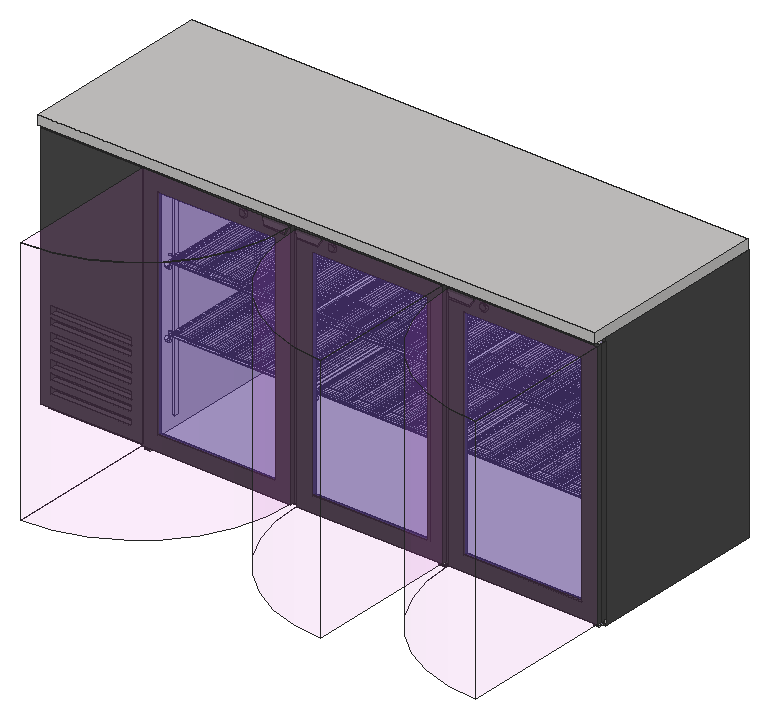
Revit family "QF_True_TBB24-72-3G-Z1-SFT-B-1_Glass_Swing_Door_Back_Bar", category Specialty Equipment, Revit 2021 (continued)
Definition of nested family "TBB24-72-3G-Z1-BST-B-1"
  Automatic sketch dimensions
    curve 9 to plane 7 "Center Y" = 0.37284"
    plane 7 "Center Y" to curve 15 = 0.63781"
    curve 5 to plane 10 = 0.02167"
    plane 13 to curve 5 = 0.04608"
    curve 18 to plane 13 = 1.19595"
    curve 10 to plane 13 = 2.94502"
    curve 17 to curve 19 = 2.67214"
    curve 6 to plane 10 = 0.02167"
    plane 4 "RIGHT" to curve 6 = 0.05741"
    plane 5 "FRONT" to curve 9 = 8.9955"
    plane 5 "FRONT" to curve 10 = 9.16144"
    curve 7 to curve 5 = 0.50779"
    plane 10 to curve 4 = 0.01931"
    curve 11 to curve 11 = 15/32"
    curve 5 to curve 14 = 0.35218"
    curve 9 to curve 5 = 0.32483"
    curve 6 to curve 17 = 0.35942"
    radius of Extrusion 49 sketch curve = 0.03267"
    radius of Extrusion 50 sketch curve = 0.03267"
    radius of Extrusion 51 sketch curve = 0.03267"
    radius of Extrusion 52 sketch curve = 0.03267"
    radius of Extrusion 53 sketch curve = 0.03267"
    radius of Extrusion 54 sketch curve = 0.03267"
    radius of Extrusion 55 sketch curve = 0.03267"
    radius of Extrusion 56 sketch curve = 0.03267"
    radius of Extrusion 57 sketch curve = 0.03267"
    radius of Extrusion 58 sketch curve = 0.03267"
    radius of Extrusion 59 sketch curve = 0.03267"
    radius of Extrusion 60 sketch curve = 0.03267"
    radius of Extrusion 61 sketch curve = 0.03267"
    radius of Extrusion 62 sketch curve = 0.03267"
    radius of Extrusion 63 sketch curve = 0.03267"
    radius of Extrusion 64 sketch curve = 0.03267"
    radius of Extrusion 65 sketch curve = 0.03267"
    radius of Extrusion 66 sketch curve = 0.03267"
    radius of Extrusion 67 sketch curve = 0.03267"
    radius of Extrusion 68 sketch curve = 0.03267"
    radius of Extrusion 69 sketch curve = 0.03267"
    radius of Extrusion 70 sketch curve = 0.03267"
    radius of Extrusion 71 sketch curve = 0.03267"
    radius of Extrusion 72 sketch curve = 0.03267"
    radius of Extrusion 73 sketch curve = 0.03267"
    radius of Extrusion 74 sketch curve = 0.03267"
    radius of Extrusion 75 sketch curve = 0.03267"
    radius of Extrusion 76 sketch curve = 0.03267"
    radius of Extrusion 77 sketch curve = 0.03267"
    radius of Extrusion 78 sketch curve = 0.03267"
    radius of Extrusion 79 sketch curve = 0.03267"
    radius of Extrusion 80 sketch curve = 0.03267"
    radius of Extrusion 81 sketch curve = 0.03267"
    radius of Extrusion 82 sketch curve = 0.03267"
    radius of Extrusion 83 sketch curve = 0.03267"
    radius of Extrusion 84 sketch curve = 0.03267"
    radius of Extrusion 85 sketch curve = 0.03267"
    radius of Extrusion 86 sketch curve = 0.03267"
    radius of Extrusion 87 sketch curve = 0.03267"
    radius of Extrusion 88 sketch curve = 0.03267"
    radius of Extrusion 89 sketch curve = 0.03267"
    radius of Extrusion 90 sketch curve = 0.03267"
    radius of Extrusion 91 sketch curve = 0.03267"
    radius of Extrusion 92 sketch curve = 0.03267"
    radius of Extrusion 93 sketch curve = 0.03267"
    radius of Extrusion 94 sketch curve = 0.03267"
    radius of Extrusion 95 sketch curve = 0.03267"
    radius of Extrusion 96 sketch curve = 0.03267"
    radius of Extrusion 97 sketch curve = 0.03267"
    radius of Extrusion 98 sketch curve = 0.03267"
    radius of Extrusion 99 sketch curve = 0.03267"  (x2)
    radius of Extrusion 100 sketch curve = 0.03267"  (x2)
    radius of Extrusion 101 sketch curve = 0.03267"  (x2)
    radius of Extrusion 102 sketch curve = 0.03267"  (x2)
    radius of Extrusion 103 sketch curve = 0.03267"  (x2)
    radius of Extrusion 104 sketch curve = 0.03267"  (x2)
    radius of Extrusion 105 sketch curve = 0.03267"  (x2)
    radius of Extrusion 106 sketch curve = 0.03267"  (x2)
    radius of Extrusion 107 sketch curve = 0.03267"  (x2)
    radius of Extrusion 108 sketch curve = 0.03267"  (x2)
    radius of Extrusion 109 sketch curve = 0.03267"  (x2)
    radius of Extrusion 110 sketch curve = 0.03267"  (x2)
    radius of Extrusion 111 sketch curve = 0.03267"  (x2)
    radius of Extrusion 112 sketch curve = 0.03267"  (x2)
    radius of Extrusion 113 sketch curve = 0.03267"  (x2)
    radius of Extrusion 114 sketch curve = 0.03267"  (x2)
    radius of Extrusion 115 sketch curve = 0.03267"  (x2)
    radius of Extrusion 116 sketch curve = 0.03267"  (x2)
    radius of Extrusion 117 sketch curve = 0.03267"  (x2)
    radius of Extrusion 118 sketch curve = 0.03267"  (x2)
    radius of Extrusion 119 sketch curve = 0.03267"  (x2)
    radius of Extrusion 120 sketch curve = 0.03267"  (x2)
    radius of Extrusion 121 sketch curve = 0.03267"  (x2)
    radius of Extrusion 122 sketch curve = 0.03267"  (x2)
    radius of Extrusion 123 sketch curve = 0.03267"  (x2)
    radius of Extrusion 124 sketch curve = 0.03267"  (x2)
    radius of Extrusion 125 sketch curve = 0.03267"  (x2)
    radius of Extrusion 126 sketch curve = 0.03267"  (x2)
    radius of Extrusion 127 sketch curve = 0.03267"  (x2)
    radius of Extrusion 128 sketch curve = 0.03267"  (x2)
    radius of Extrusion 129 sketch curve = 0.03267"  (x2)
    radius of Extrusion 130 sketch curve = 0.03267"  (x2)
    radius of Extrusion 131 sketch curve = 0.03267"  (x2)
    radius of Extrusion 132 sketch curve = 0.03267"  (x2)
    radius of Extrusion 133 sketch curve = 0.03267"  (x2)
    radius of Extrusion 134 sketch curve = 0.03267"  (x2)
    radius of Extrusion 135 sketch curve = 0.03267"  (x2)
    radius of Extrusion 136 sketch curve = 0.03267"  (x2)
    radius of Extrusion 137 sketch curve = 0.03267"  (x2)
    radius of Extrusion 138 sketch curve = 0.03267"  (x2)
    radius of Extrusion 139 sketch curve = 0.03267"  (x2)
    radius of Extrusion 140 sketch curve = 0.03267"  (x2)
    radius of Extrusion 141 sketch curve = 0.03267"  (x2)
    radius of Extrusion 142 sketch curve = 0.03267"  (x2)
    radius of Extrusion 143 sketch curve = 0.03267"  (x2)
    radius of Extrusion 144 sketch curve = 0.03267"  (x2)
    radius of Extrusion 145 sketch curve = 0.03267"  (x2)
    radius of Extrusion 146 sketch curve = 0.03267"  (x2)
    radius of Extrusion 147 sketch curve = 0.03267"  (x2)
    radius of Extrusion 148 sketch curve = 0.03267"  (x2)
    radius of Extrusion 149 sketch curve = 0.03267"  (x2)
    radius of Extrusion 150 sketch curve = 0.03267"  (x2)
    radius of Extrusion 151 sketch curve = 0.03267"  (x2)
    radius of Extrusion 152 sketch curve = 0.03267"  (x2)
    radius of Extrusion 153 sketch curve = 0.03267"  (x2)
    radius of Extrusion 154 sketch curve = 0.03267"  (x2)
    radius of Extrusion 155 sketch curve = 0.03267"  (x2)
    radius of Extrusion 156 sketch curve = 0.03267"  (x2)
    radius of Extrusion 157 sketch curve = 0.03267"  (x2)
    radius of Extrusion 158 sketch curve = 0.03267"  (x2)
    radius of Extrusion 159 sketch curve = 0.03267"  (x2)
    radius of Extrusion 160 sketch curve = 0.03267"  (x2)
    radius of Extrusion 161 sketch curve = 0.03267"  (x2)
    radius of Extrusion 162 sketch curve = 0.03267"  (x2)
    radius of Extrusion 163 sketch curve = 0.03267"  (x2)
    radius of Extrusion 164 sketch curve = 0.03267"  (x2)
    radius of Extrusion 165 sketch curve = 0.03267"  (x2)
    radius of Extrusion 166 sketch curve = 0.03267"  (x2)
    radius of Extrusion 167 sketch curve = 0.03267"  (x2)
    radius of Extrusion 168 sketch curve = 0.03267"  (x2)
    radius of Extrusion 169 sketch curve = 0.03267"  (x2)
    radius of Extrusion 170 sketch curve = 0.03267"  (x2)
    radius of Extrusion 171 sketch curve = 0.03267"  (x2)
    radius of Extrusion 172 sketch curve = 0.03267"  (x2)
    radius of Extrusion 173 sketch curve = 0.03267"  (x2)
    radius of Extrusion 174 sketch curve = 0.03267"  (x2)
    radius of Extrusion 175 sketch curve = 0.03267"  (x2)
    radius of Extrusion 176 sketch curve = 0.03267"  (x2)
    radius of Extrusion 177 sketch curve = 0.03267"  (x2)
    radius of Extrusion 178 sketch curve = 0.03267"  (x2)
    radius of Extrusion 179 sketch curve = 0.03267"  (x2)
    radius of Extrusion 180 sketch curve = 0.03267"  (x2)
    radius of Extrusion 181 sketch curve = 0.03267"  (x2)
    radius of Extrusion 182 sketch curve = 0.03267"  (x2)
    radius of Extrusion 183 sketch curve = 0.03267"  (x2)
    radius of Extrusion 184 sketch curve = 0.03267"  (x2)
    radius of Extrusion 185 sketch curve = 0.03267"  (x2)
    radius of Extrusion 186 sketch curve = 0.03267"  (x2)
    radius of Extrusion 187 sketch curve = 0.03267"  (x2)
    radius of Extrusion 188 sketch curve = 0.03267"  (x2)
    radius of Extrusion 189 sketch curve = 0.03267"  (x2)
    radius of Extrusion 190 sketch curve = 0.03267"  (x2)
    radius of Extrusion 191 sketch curve = 0.03267"  (x2)
    radius of Extrusion 192 sketch curve = 0.03267"  (x2)
    radius of Extrusion 193 sketch curve = 0.03267"  (x2)
    radius of Extrusion 194 sketch curve = 0.03267"  (x2)
    radius of Extrusion 195 sketch curve = 0.03267"  (x2)
    radius of Extrusion 196 sketch curve = 0.03267"  (x2)
    radius of Extrusion 197 sketch curve = 0.03267"  (x2)
    radius of Extrusion 198 sketch curve = 0.03267"  (x2)
    radius of Extrusion 199 sketch curve = 0.03267"  (x2)
    radius of Extrusion 200 sketch curve = 0.03267"  (x2)
    radius of Extrusion 201 sketch curve = 0.03267"  (x2)
    radius of Extrusion 202 sketch curve = 0.03267"  (x2)
    radius of Extrusion 203 sketch curve = 0.03267"  (x2)
    radius of Extrusion 204 sketch curve = 0.03267"  (x2)
    radius of Extrusion 205 sketch curve = 0.03267"  (x2)
    radius of Extrusion 206 sketch curve = 0.03267"  (x2)
    radius of Extrusion 207 sketch curve = 0.03267"  (x2)
    radius of Extrusion 208 sketch curve = 0.03267"  (x2)
    radius of Extrusion 209 sketch curve = 0.03267"  (x2)
    radius of Extrusion 210 sketch curve = 0.03267"  (x2)
    radius of Extrusion 211 sketch curve = 0.03267"  (x2)
    radius of Extrusion 212 sketch curve = 0.03267"  (x2)
    radius of Extrusion 213 sketch curve = 0.03267"  (x2)
    radius of Extrusion 214 sketch curve = 0.03267"  (x2)
    radius of Extrusion 215 sketch curve = 0.03267"  (x2)
    radius of Extrusion 216 sketch curve = 0.03267"  (x2)
    radius of Extrusion 217 sketch curve = 0.03267"  (x2)
    radius of Extrusion 218 sketch curve = 0.03267"  (x2)
    radius of Extrusion 219 sketch curve = 0.03267"  (x2)
    radius of Extrusion 220 sketch curve = 0.03267"  (x2)
    radius of Extrusion 221 sketch curve = 0.03267"  (x2)
    radius of Extrusion 222 sketch curve = 0.03267"  (x2)
    radius of Extrusion 223 sketch curve = 0.03267"  (x2)
    radius of Extrusion 224 sketch curve = 0.03267"  (x2)
    radius of Extrusion 225 sketch curve = 0.03267"  (x2)
    radius of Extrusion 226 sketch curve = 0.03267"  (x2)
    radius of Extrusion 227 sketch curve = 0.03267"  (x2)
    radius of Extrusion 228 sketch curve = 0.03267"  (x2)
    radius of Extrusion 229 sketch curve = 0.03267"  (x2)
    radius of Extrusion 230 sketch curve = 0.03267"  (x2)
    radius of Extrusion 231 sketch curve = 0.03267"  (x2)
    radius of Extrusion 232 sketch curve = 0.03267"  (x2)
    radius of Extrusion 233 sketch curve = 0.03267"  (x2)
    radius of Extrusion 234 sketch curve = 0.03267"  (x2)
    radius of Extrusion 235 sketch curve = 0.03267"  (x2)
    radius of Extrusion 236 sketch curve = 0.03267"  (x2)
    radius of Extrusion 237 sketch curve = 0.03267"  (x2)
    radius of Extrusion 238 sketch curve = 0.03267"  (x2)
    radius of Extrusion 239 sketch curve = 0.03267"  (x2)
    radius of Extrusion 240 sketch curve = 0.03267"  (x2)
    radius of Extrusion 241 sketch curve = 0.03267"  (x2)
    radius of Extrusion 242 sketch curve = 0.03267"  (x2)
    radius of Extrusion 243 sketch curve = 0.03267"  (x2)
    radius of Extrusion 244 sketch curve = 0.03267"  (x2)
    radius of Extrusion 245 sketch curve = 0.03267"  (x2)
    radius of Extrusion 246 sketch curve = 0.03267"  (x2)
    radius of Extrusion 247 sketch curve = 0.03267"  (x2)
    radius of Extrusion 248 sketch curve = 0.03267"  (x2)
    radius of Extrusion 249 sketch curve = 0.03267"  (x2)
    radius of Extrusion 250 sketch curve = 0.03267"
    radius of Extrusion 299 sketch curve = 0.03267"  (x3)
    radius of Extrusion 300 sketch curve = 0.03267"  (x2)
    radius of Extrusion 348 sketch curve = 0.03267"  (x2)
    radius of Extrusion 251 sketch curve = 0.03267"
    radius of Extrusion 301 sketch curve = 0.03267"  (x2)
    radius of Extrusion 252 sketch curve = 0.03267"
    radius of Extrusion 302 sketch curve = 0.03267"  (x2)
    radius of Extrusion 253 sketch curve = 0.03267"
    radius of Extrusion 303 sketch curve = 0.03267"  (x2)
    radius of Extrusion 254 sketch curve = 0.03267"
    radius of Extrusion 304 sketch curve = 0.03267"  (x2)
    radius of Extrusion 255 sketch curve = 0.03267"
    radius of Extrusion 305 sketch curve = 0.03267"  (x2)
    radius of Extrusion 256 sketch curve = 0.03267"
    radius of Extrusion 306 sketch curve = 0.03267"  (x2)
    radius of Extrusion 257 sketch curve = 0.03267"
    radius of Extrusion 307 sketch curve = 0.03267"  (x2)
    radius of Extrusion 258 sketch curve = 0.03267"
    radius of Extrusion 308 sketch curve = 0.03267"  (x2)
    radius of Extrusion 259 sketch curve = 0.03267"
    radius of Extrusion 309 sketch curve = 0.03267"  (x2)
    radius of Extrusion 260 sketch curve = 0.03267"
    radius of Extrusion 310 sketch curve = 0.03267"  (x2)
    radius of Extrusion 261 sketch curve = 0.03267"
    radius of Extrusion 311 sketch curve = 0.03267"  (x2)
    radius of Extrusion 262 sketch curve = 0.03267"
    radius of Extrusion 312 sketch curve = 0.03267"  (x2)
    radius of Extrusion 263 sketch curve = 0.03267"
    radius of Extrusion 313 sketch curve = 0.03267"  (x2)
    radius of Extrusion 264 sketch curve = 0.03267"
    radius of Extrusion 314 sketch curve = 0.03267"  (x2)
    radius of Extrusion 265 sketch curve = 0.03267"
    radius of Extrusion 315 sketch curve = 0.03267"  (x2)
    radius of Extrusion 266 sketch curve = 0.03267"
    radius of Extrusion 316 sketch curve = 0.03267"  (x2)
    radius of Extrusion 267 sketch curve = 0.03267"
    radius of Extrusion 317 sketch curve = 0.03267"  (x2)
    radius of Extrusion 268 sketch curve = 0.03267"
    radius of Extrusion 318 sketch curve = 0.03267"  (x2)
    radius of Extrusion 269 sketch curve = 0.03267"
    radius of Extrusion 319 sketch curve = 0.03267"  (x2)
    radius of Extrusion 270 sketch curve = 0.03267"
    radius of Extrusion 320 sketch curve = 0.03267"  (x2)
    radius of Extrusion 271 sketch curve = 0.03267"
    radius of Extrusion 321 sketch curve = 0.03267"  (x2)
    radius of Extrusion 272 sketch curve = 0.03267"
    radius of Extrusion 322 sketch curve = 0.03267"  (x2)
    radius of Extrusion 273 sketch curve = 0.03267"
    radius of Extrusion 323 sketch curve = 0.03267"  (x2)
    radius of Extrusion 274 sketch curve = 0.03267"
    radius of Extrusion 324 sketch curve = 0.03267"  (x2)
    radius of Extrusion 275 sketch curve = 0.03267"
    radius of Extrusion 325 sketch curve = 0.03267"  (x2)
    radius of Extrusion 276 sketch curve = 0.03267"
    radius of Extrusion 326 sketch curve = 0.03267"  (x2)
    radius of Extrusion 277 sketch curve = 0.03267"
    radius of Extrusion 327 sketch curve = 0.03267"  (x2)
    radius of Extrusion 278 sketch curve = 0.03267"
    radius of Extrusion 328 sketch curve = 0.03267"  (x2)
    radius of Extrusion 279 sketch curve = 0.03267"
    radius of Extrusion 329 sketch curve = 0.03267"  (x2)
    radius of Extrusion 280 sketch curve = 0.03267"
    radius of Extrusion 330 sketch curve = 0.03267"  (x2)
    radius of Extrusion 281 sketch curve = 0.03267"
    radius of Extrusion 331 sketch curve = 0.03267"  (x2)
    radius of Extrusion 282 sketch curve = 0.03267"
    radius of Extrusion 332 sketch curve = 0.03267"  (x2)
    radius of Extrusion 283 sketch curve = 0.03267"
    radius of Extrusion 333 sketch curve = 0.03267"  (x2)
    radius of Extrusion 284 sketch curve = 0.03267"
    radius of Extrusion 334 sketch curve = 0.03267"  (x2)
    radius of Extrusion 285 sketch curve = 0.03267"
    radius of Extrusion 335 sketch curve = 0.03267"  (x2)
    radius of Extrusion 286 sketch curve = 0.03267"
    radius of Extrusion 336 sketch curve = 0.03267"  (x2)
    radius of Extrusion 287 sketch curve = 0.03267"
    radius of Extrusion 337 sketch curve = 0.03267"  (x2)
    radius of Extrusion 288 sketch curve = 0.03267"
    radius of Extrusion 338 sketch curve = 0.03267"  (x2)
    radius of Extrusion 289 sketch curve = 0.03267"
    radius of Extrusion 339 sketch curve = 0.03267"  (x2)
    radius of Extrusion 290 sketch curve = 0.03267"
    radius of Extrusion 340 sketch curve = 0.03267"  (x2)
    radius of Extrusion 291 sketch curve = 0.03267"
    radius of Extrusion 341 sketch curve = 0.03267"  (x2)
    radius of Extrusion 292 sketch curve = 0.03267"
    radius of Extrusion 342 sketch curve = 0.03267"  (x2)
    radius of Extrusion 293 sketch curve = 0.03267"
    radius of Extrusion 343 sketch curve = 0.03267"  (x2)
    radius of Extrusion 294 sketch curve = 0.03267"
    radius of Extrusion 344 sketch curve = 0.03267"  (x2)
    radius of Extrusion 295 sketch curve = 0.03267"
    radius of Extrusion 345 sketch curve = 0.03267"  (x2)
    radius of Extrusion 296 sketch curve = 0.03267"
    radius of Extrusion 346 sketch curve = 0.03267"  (x2)
    radius of Extrusion 297 sketch curve = 0.03267"
    radius of Extrusion 347 sketch curve = 0.03267"  (x2)
    radius of Extrusion 298 sketch curve = 0.03267"
    radius of Extrusion 7 sketch curve = 1/2"
    radius of Blend 12 sketch curve = 1/2"
    radius of Blend 12 sketch curve = 0.39938"
    radius of Blend 13 sketch curve = 1/2"
    radius of Blend 13 sketch curve = 0.39938"
    radius of Extrusion 16 sketch curve = 1/4"  (x3)
    radius of Extrusion 17 sketch curve = 1/4"  (x3)
    radius of Sweep 20 sketch curve = 0.14183"
    radius of Sweep 33 sketch curve = 0.14183"
    radius of Extrusion 34 sketch curve = 0.05462"
    radius of Extrusion 35 sketch curve = 0.05462"
    radius of Extrusion 36 sketch curve = 0.05462"
    radius of Extrusion 37 sketch curve = 0.05462"
    radius of Sweep 42 sketch curve = 0.14183"
    radius of Sweep 43 sketch curve = 0.14183"
    radius of Sweep 44 sketch curve = 0.14183"
    radius of Sweep 45 sketch curve = 0.14183"
    radius of Extrusion 47 sketch curve = 0.05462"
    radius of Extrusion 48 sketch curve = 0.05462"
    radius of Blend 350 sketch curve = 1/2"
    radius of Blend 350 sketch curve = 0.39938"
Definition of nested family "Family3"
  Parameters (values of type "Family3")
    Weight in Pounds = 0
    URL Cutsheet = ""
    Specification by User = ""
    Specification by Manufacturer = ""
    Show Seismic Flanged [instance] = yes
    Show 6" Legs [instance] = yes
    Show 5" Casters [instance] = yes
    Show 4" Casters [instance] = yes
    Show 3" Casters [instance] = yes
    Show 2" Casters [instance] = yes
    Serial Number = ""
    Seismic Rating = ""
    SMACNA No = ""
    Revision Code = ""
    NAFEM Spec ID Number = ""
    Masterspec = ""
    Length = 0"
    Item Number = ""
    Installed By = ""
    Identify Quantity as Lot = yes
    Height = 0"
    Furnished By = ""
    Foodservice Equipment Identifier = yes
    Depth = 0"
    Default Elevation = 0"
    CSI MasterFormat = ""
  Reference planes (in)
    plane 1 "BACK": y = 0
    plane 2: z = 0
    plane 3 "LEFT": x = 0
    plane 4 "RIGHT": x = 0
    plane 5 "FRONT": y = 0
    plane 6 "TOP": z = 0
    plane 7 "Center Y": x = 0
    plane 8 "Center X": y = 0
  Dimensions and locks (in)
    equal spacing: plane 3 "LEFT", plane 7 "Center Y", plane 4 "RIGHT"
    "Length": plane 3 "LEFT" to plane 4 "RIGHT"
    equal spacing: plane 5 "FRONT", plane 8 "Center X", plane 1 "BACK"
    "Depth": plane 5 "FRONT" to plane 1 "BACK"
    "Height": plane 6 "TOP" to level
    aligned and locked: level to plane 2
  Nested families (in)
    nested 1: "2 INCHES_CASTER" at (0, 0, 0), 2 Inches Caster <- "Show 2" Casters", type "2 INCHES_CASTER"
      with Type Mark "", Specification by User "", Revision Code "", Item Number "", Installed By "", Identify Quantity as Lot yes, Furnished By "", Foodservice Equipment Identifier yes, 2 Inches Caster yes
    nested 2: "3 INCHES 01_CASTER" at (0, 0, 0), 3 Inches Caster <- "Show 3" Casters", type "3 INCHES 01_CASTER"
      with Type Mark "", Specification by User "", Revision Code "", Item Number "", Installed By "", Identify Quantity as Lot yes, Furnished By "", Foodservice Equipment Identifier yes, 3 Inches Caster yes
    nested 3: "4 INCHES_CASTER" at (0, 0, 0), Show 4 Inches Casters <- "Show 4" Casters", type "4 INCHES_CASTER"
      with Type Mark "", Specification by User "", Show 4 Inches Casters yes, Revision Code "", Item Number "", Installed By "", Identify Quantity as Lot yes, Furnished By "", Foodservice Equipment Identifier yes
    nested 4: "5 INCHES 01_CASTER 2" at (0, 0, 0), Show 5" Casters <- "Show 5" Casters", type "5 INCHES 01_CASTER 2"
      with Type Mark "", Specification by User "", Show 5" Casters yes, Revision Code "", Key Locks no, Item Number "", Installed By "", Identify Quantity as Lot yes, Furnished By "", Foodservice Equipment Identifier yes
    nested 5: "6 INCHES LEGS" at (0, 0, 0), Show 6" Legs <- "Show 6" Legs", type "6 INCHES LEGS"
      with Type Mark "", Status "", Specification by User "", Show Seismic Flanged no, Show 6" Legs yes, Revision Code "", Item Number "", Installed By "", Identify Quantity as Lot yes, Furnished By "", Foodservice Equipment Identifier yes
    nested 6: "6 INCHES LEGS WITH FLANGED" at (0, 0, 0), visible <- "Show Seismic Flanged", Show 6" Seismic Flanged <- "Show Seismic Flanged", type "6 INCHES LEGS WITH FLANGED"
      with Type Mark "", Status "", Specification by User "", Revision Code "", Item Number "", Installed By "", Identify Quantity as Lot yes, Furnished By "", Foodservice Equipment Identifier yes
  Definition of nested family "2 INCHES_CASTER"
    Parameters (values of type "2 INCHES_CASTER")
      Weight = ""
      URL Manufacturer = ""
      URL Cutsheet = ""
      URL = ""
      Type Mark [instance] = ""
      Specification by User [instance] = ""
      Specification by Manufacturer = ""
      Serial Number = ""
      Seismic Rating = ""
      SMACNA No = ""
      Revision Code [instance] = ""
      Omniclass Number and Title = ""
      NAFEM Spec ID Number = ""
      Model = ""
      MasterSpec. = ""
      Manufacturer = ""
      Item Number [instance] = ""
      Installed By [instance] = ""
      Identify Quantity as Lot [instance] = yes
      Furnished By [instance] = ""
      Foodservice Equipment Identifier [instance] = yes
      Description = ""
      Default Elevation = 0"
      CSI MasterFormat = ""
      CSI Master Format = ""
      Assembly Code = ""
      2 Inches Caster [instance] = yes
    Reference planes (in)
      plane 1: z = 0
      plane 2 "RIGHT": x = 0
      plane 3 "FRONT": y = 0
      plane 4 "TOP": z = 2
    Forms (in)
      Revolve 1, solid, visible <- "2 Inches Caster"
        sketch origin (-1.93794, 0.46818, -1.0041) x (1, 0, 0) y (0, 0, 1)
          loop
            line (0.74055, 1.86347) -> (0.74055, 1.78797) -> (0.79055, 1.73797) -> (0.85055, 1.73797) -> (0.85055, 1.6179) -> (1.235, 1.6179) -> (1.235, 1.55055) -> (1.38673, 1.46295) -> (1.4003, 1.3791) -> (1.34375, 1.3791) -> (1.34375, 1.2541) -> (1.375, 1.2541) -> (1.375, 1.0041) -> (2.48438, 1.0041) -> (2.48438, 1.2541) -> (2.51563, 1.2541) -> (2.51563, 1.3791) -> (2.45908, 1.3791) -> (2.47322, 1.46647) -> (2.62438, 1.55374) -> (2.62438, 1.6179) -> (3.04007, 1.6179) -> (3.04007, 1.73797) -> (3.10007, 1.73797) -> (3.15007, 1.78797) -> (3.15007, 1.86347) -> (0.74055, 1.86347)
          axis (0.74055, 1.86347) -> (3.15007, 1.86347)
        angle from 0 to 360
      Extrusion 2, solid, visible <- "2 Inches Caster"
        sketch origin (-1.93794, 1.43296, -3.41527) x (0, 1, 0) y (0, 0, 1)
          loop
            line (-0.64294, 5.3791) -> (-2.21294, 5.3791) -> (-2.21294, 5.24769) -> (-1.37414, 5.24769)
            arc (-1.37414, 5.24769) -> (-0.62115, 5.15851) -> (0.05138, 4.80832) r 2.10495
            line (0.05138, 4.80832) -> (0.12713, 4.91318)
            arc (0.12713, 4.91318) -> (-0.07255, 5.06376) -> (-0.29048, 5.18644) r 1.8753
            line (-0.29048, 5.18644) -> (-0.22239, 5.30423)
            arc (-0.22239, 5.30423) -> (-0.42936, 5.36024) -> (-0.64294, 5.3791) r 1.21859
        from 1.17357 to 2.70231
      Revolve 3, solid, visible <- "2 Inches Caster"
        sketch origin (0, 1.73858, -3.75) x (0, 1, 0) y (0, 0, 1)
          loop
            line (-1.73858, 5.71382) -> (-1.05793, 5.71382) -> (-1.05793, 5.75) -> (-1.73858, 5.75) -> (-1.73858, 5.71382)
          axis (-1.73858, 5.71382) -> (-1.73858, 5.75319)
        angle from 0 to 360
      Extrusion 4, solid, visible <- "2 Inches Caster"
        sketch origin (-1.98481, 1.43296, -1.7541) x (0, 1, 0) y (0, 0, 1)
          loop
            line (-2.21294, 3.71792) -> (-2.21294, 3.58652) -> (-1.94904, 3.58652)
            arc (-1.94904, 3.58652) -> (-1.56115, 3.28048) -> (-1.39241, 2.81612) r 0.90292
            arc (-1.39241, 2.81612) -> (-1.36136, 2.62044) -> (-1.29729, 2.43295) r 1.15385
            arc (-1.29729, 2.43295) -> (-0.94802, 2.21237) -> (-0.6121, 2.45278) r 0.37001
            arc (-0.6121, 2.45278) -> (-0.59625, 2.50123) -> (-0.58446, 2.55082) r 0.61695
            arc (-0.58446, 2.55082) -> (-0.36134, 2.95548) -> (0.05609, 3.15367) r 0.75313
            line (0.05609, 3.15367) -> (0.12713, 3.252)
            arc (0.12713, 3.252) -> (-0.07255, 3.40259) -> (-0.29048, 3.52526) r 1.8753
            line (-0.29048, 3.52526) -> (-0.22239, 3.64306)
            arc (-0.22239, 3.64306) -> (-0.42936, 3.69906) -> (-0.64294, 3.71792) r 1.21859
            line (-0.64294, 3.71792) -> (-2.21294, 3.71792)
        from 2.74918 to 2.90825
      Extrusion 5, solid, visible <- "2 Inches Caster"
        sketch origin (1.98481, 1.43296, -1.7541) x (0, 1, 0) y (0, 0, -1)
          loop
            arc (-0.58446, -2.55082) -> (-0.59625, -2.50123) -> (-0.6121, -2.45278) r 0.61695
            arc (-0.6121, -2.45278) -> (-0.94802, -2.21237) -> (-1.29729, -2.43295) r 0.37001
            arc (-1.29729, -2.43295) -> (-1.36136, -2.62044) -> (-1.39241, -2.81612) r 1.15385
            arc (-1.39241, -2.81612) -> (-1.56115, -3.28048) -> (-1.94904, -3.58652) r 0.90292
            line (-1.94904, -3.58652) -> (-2.21294, -3.58652) -> (-2.21294, -3.71792) -> (-0.64294, -3.71792)
            arc (-0.64294, -3.71792) -> (-0.42936, -3.69906) -> (-0.22239, -3.64306) r 1.21859
            line (-0.22239, -3.64306) -> (-0.29048, -3.52526)
            arc (-0.29048, -3.52526) -> (-0.07255, -3.40259) -> (0.12713, -3.252) r 1.8753
            line (0.12713, -3.252) -> (0.05609, -3.15367)
            arc (0.05609, -3.15367) -> (-0.36134, -2.95548) -> (-0.58446, -2.55082) r 0.75313
        from 2.74918 to 2.90825
    Cuts and joins
      joined: Revolve 1, Extrusion 4, Extrusion 5
    Lines and regions (in)
      symbolic lines, visible <- "2 Inches Caster"
        curve 1: line (0.10651, 1.59133, 0) -> (0.80944, 1.1855, 0)
        curve 2: line (-0.89349, -0.14072, 0) -> (0.10651, 1.59133, 0)
        curve 3: line (-0.19056, -0.54656, 0) -> (-0.89349, -0.14072, 0)
        curve 4: line (0.80944, 1.1855, 0) -> (-0.19056, -0.54656, 0)
    Dimensions and locks (in)
      plane 4 "TOP" to level = 2"  (x2)
      aligned and locked: level to plane 1
  Definition of nested family "3 INCHES 01_CASTER"
    Parameters (values of type "3 INCHES 01_CASTER")
      Weight = ""
      URL Manufacturer = ""
      URL Cutsheet = ""
      URL = ""
      Type Mark [instance] = ""
      Specification by User [instance] = ""
      Specification by Manufacturer = ""
      Serial Number = ""
      Seismic Rating = ""
      SMACNA No = ""
      Revision Code [instance] = ""
      Omniclass Number and Title = ""
      NAFEM Spec ID Number = ""
      Model = ""
      MasterSpec. = ""
      Manufacturer = ""
      Item Number [instance] = ""
      Installed By [instance] = ""
      Identify Quantity as Lot [instance] = yes
      Furnished By [instance] = ""
      Foodservice Equipment Identifier [instance] = yes
      Description = ""
      Default Elevation = 0"
      CSI MasterFormat = ""
      CSI Master Format = ""
      Assembly Code = ""
      3 Inches Caster [instance] = yes
    Reference planes (in)
      plane 1: z = 0
      plane 2 "RIGHT": x = 0
      plane 3 "FRONT": y = 0
      plane 4 "TOP": z = 3
    Forms (in)
      Revolve 1, solid, visible <- "3 Inches Caster"
        sketch origin (-1.93794, 0.56004, -1.0041) x (1, 0, 0) y (0, 0, 1)
          loop
            line (0.74055, 2.11347) -> (0.74055, 2.03797) -> (0.79055, 1.98797) -> (0.85055, 1.98797) -> (0.85055, 1.8679) -> (1.235, 1.8679) -> (1.235, 1.7068) -> (1.36441, 1.63209) -> (1.4003, 1.41035) -> (1.34375, 1.41035) -> (1.34375, 1.28535) -> (1.375, 1.28535) -> (1.375, 1.0041) -> (2.48438, 1.0041) -> (2.48438, 1.28535) -> (2.51563, 1.28535) -> (2.51563, 1.41035) -> (2.45908, 1.41035) -> (2.49553, 1.6356) -> (2.62438, 1.70999) -> (2.62438, 1.8679) -> (3.04007, 1.8679) -> (3.04007, 1.98797) -> (3.10007, 1.98797) -> (3.15007, 2.03797) -> (3.15007, 2.11347) -> (0.74055, 2.11347)
          axis (0.74055, 2.11347) -> (3.15007, 2.11347)
        angle from 0 to 360
      Extrusion 2, solid, visible <- "3 Inches Caster"
        sketch origin (-1.93794, 1.35294, -3.2541) x (0, 1, 0) y (0, 0, 1)
          loop
            line (-0.41094, 5.86793) -> (-0.41094, 6.01276) -> (-2.29494, 6.01276) -> (-2.29494, 5.71244) -> (-1.82301, 5.71244)
            arc (-1.82301, 5.71244) -> (-1.00307, 5.59865) -> (-0.19592, 5.41488) r 9.6332
            arc (-0.19592, 5.41488) -> (0.12646, 5.29481) -> (0.42224, 5.11916) r 1.92059
            line (0.42224, 5.11916) -> (0.51314, 5.245)
            arc (0.51314, 5.245) -> (0.27353, 5.42569) -> (0.01201, 5.5729) r 2.25036
            line (0.01201, 5.5729) -> (0.09371, 5.71426)
            arc (0.09371, 5.71426) -> (-0.15272, 5.81043) -> (-0.41094, 5.86793) r 1.73151
        from 1.17357 to 2.70231
      Revolve 3, solid, visible <- "3 Inches Caster"
        sketch origin (0, 1.73858, -3.25) x (0, 1, 0) y (0, 0, 1)
          loop
            line (-1.73858, 6.25) -> (-1.73858, 6.00866) -> (-0.93293, 6.00866) -> (-0.93293, 6.25) -> (-1.73858, 6.25)
          axis (-1.73858, 6.00866) -> (-1.73858, 6.25)
        angle from 0 to 360
      Extrusion 4, solid, visible <- "3 Inches Caster"
        sketch origin (-1.98481, 1.35294, -1.7541) x (0, 1, 0) y (0, 0, 1)
          loop
            line (-2.29494, 4.51276) -> (-2.29494, 4.21244) -> (-2.2074, 4.21244)
            arc (-2.2074, 4.21244) -> (-1.58796, 3.87196) -> (-1.3103, 3.22193) r 1.0835
            arc (-1.3103, 3.22193) -> (-1.27304, 2.98711) -> (-1.19616, 2.76214) r 1.38462
            arc (-1.19616, 2.76214) -> (-0.77704, 2.49744) -> (-0.37393, 2.78593) r 0.44401
            arc (-0.37393, 2.78593) -> (-0.35491, 2.84407) -> (-0.34077, 2.90358) r 0.74034
            arc (-0.34077, 2.90358) -> (-0.07302, 3.38916) -> (0.4279, 3.62699) r 0.90376
            line (0.4279, 3.62699) -> (0.51314, 3.745)
            arc (0.51314, 3.745) -> (0.27353, 3.92569) -> (0.01201, 4.0729) r 2.25036
            line (0.01201, 4.0729) -> (0.09371, 4.21426)
            arc (0.09371, 4.21426) -> (-0.15272, 4.31043) -> (-0.41094, 4.36793) r 1.73151
            line (-0.41094, 4.36793) -> (-0.41094, 4.51276) -> (-2.29494, 4.51276)
        from 2.74918 to 2.90825
      Extrusion 5, solid, visible <- "3 Inches Caster"
        sketch origin (1.98481, 1.35294, -1.7541) x (0, 1, 0) y (0, 0, -1)
          loop
            line (-2.29494, -4.51276) -> (-0.41094, -4.51276) -> (-0.41094, -4.36793)
            arc (-0.41094, -4.36793) -> (-0.15272, -4.31043) -> (0.09371, -4.21426) r 1.73151
            line (0.09371, -4.21426) -> (0.01201, -4.0729)
            arc (0.01201, -4.0729) -> (0.27353, -3.92569) -> (0.51314, -3.745) r 2.25036
            line (0.51314, -3.745) -> (0.4279, -3.62699)
            arc (0.4279, -3.62699) -> (-0.07302, -3.38916) -> (-0.34077, -2.90358) r 0.90376
            arc (-0.34077, -2.90358) -> (-0.35491, -2.84407) -> (-0.37393, -2.78593) r 0.74034
            arc (-0.37393, -2.78593) -> (-0.77704, -2.49744) -> (-1.19616, -2.76214) r 0.44401
            arc (-1.19616, -2.76214) -> (-1.27304, -2.98711) -> (-1.3103, -3.22193) r 1.38462
            arc (-1.3103, -3.22193) -> (-1.58796, -3.87196) -> (-2.2074, -4.21244) r 1.0835
            line (-2.2074, -4.21244) -> (-2.29494, -4.21244) -> (-2.29494, -4.51276)
        from 2.74918 to 2.90825
    Cuts and joins
      joined: Extrusion 2, Extrusion 4, Extrusion 5
    Lines and regions (in)
      symbolic lines, visible <- "3 Inches Caster"
        curve 1: line (0.1877, 1.65194, 0) -> (0.89063, 1.2461, 0)
        curve 2: line (-1.00175, -0.40823, 0) -> (0.1877, 1.65194, 0)
        curve 3: line (-0.29881, -0.81407, 0) -> (-1.00175, -0.40823, 0)
        curve 4: line (0.89063, 1.2461, 0) -> (-0.29881, -0.81407, 0)
    Dimensions and locks (in)
      plane 4 "TOP" to level = 3"  (x2)
      aligned and locked: level to plane 1
  Definition of nested family "4 INCHES_CASTER"
    Parameters (values of type "4 INCHES_CASTER")
      Weight = ""
      URL Manufacturer = ""
      URL Cutsheet = ""
      URL = ""
      Type Mark [instance] = ""
      Specification by User [instance] = ""
      Specification by Manufacturer = ""
      Show 4 Inches Casters [instance] = yes
      Serial Number = ""
      Seismic Rating = ""
      SMACNA No = ""
      Revision Code [instance] = ""
      Omniclass Number and Title = ""
      NAFEM Spec ID Number = ""
      Model = ""
      MasterSpec. = ""
      Manufacturer = ""
      Item Number [instance] = ""
      Installed By [instance] = ""
      Identify Quantity as Lot [instance] = yes
      Furnished By [instance] = ""
      Foodservice Equipment Identifier [instance] = yes
      Description = ""
      Default Elevation = 0"
      CSI MasterFormat = ""
      CSI Master Format = ""
      Assembly Code = ""
    Reference planes (in)
      plane 1: z = 0
      plane 2 "RIGHT": x = 0
      plane 3 "FRONT": y = 0
      plane 4 "TOP": z = 4
    Forms (in)
      Revolve 1, solid, visible <- "Show 4 Inches Casters"
        sketch origin (-1.93794, 0.83816, -1.0041) x (1, 0, 0) y (0, 0, 1)
          loop
            line (0.74055, 2.5041) -> (3.15007, 2.5041) -> (3.15007, 2.5796) -> (3.10007, 2.6296) -> (3.04007, 2.6296) -> (3.04007, 2.74967) -> (2.62438, 2.74967) -> (2.62438, 2.93884) -> (2.48438, 3.01967) -> (2.45908, 3.17597) -> (2.51563, 3.17597) -> (2.51563, 3.41035) -> (2.48438, 3.41035) -> (2.48438, 4.0041) -> (1.375, 4.0041) -> (1.375, 3.41035) -> (1.34375, 3.41035) -> (1.34375, 3.17597) -> (1.4003, 3.17597) -> (1.37557, 3.02318) -> (1.235, 2.94202) -> (1.235, 2.74967) -> (0.85055, 2.74967) -> (0.85055, 2.6296) -> (0.79055, 2.6296) -> (0.74055, 2.5796) -> (0.74055, 2.5041)
          axis (0.74055, 2.5041) -> (3.15007, 2.5041)
        angle from 0 to 360
      Extrusion 2, solid, visible <- "Show 4 Inches Casters"
        sketch origin (-1.93794, 1.80294, -1.7541) x (0, 1, 0) y (0, 0, 1)
          loop
            line (-3.08794, 5.33423) -> (-3.08794, 5.00584) -> (-2.69466, 5.00584)
            arc (-2.69466, 5.00584) -> (-1.57175, 4.94895) -> (-0.46376, 4.75787) r 9.36411
            arc (-0.46376, 4.75787) -> (-0.05889, 4.58436) -> (0.28335, 4.30705) r 1.60049
            line (0.28335, 4.30705) -> (0.34449, 4.39437)
            arc (0.34449, 4.39437) -> (0.12713, 4.6163) -> (-0.1239, 4.79931) r 1.8753
            line (-0.1239, 4.79931) -> (-0.05749, 4.91421)
            arc (-0.05749, 4.91421) -> (-0.33807, 5.05694) -> (-0.64294, 5.13542) r 1.44292
            line (-0.64294, 5.13542) -> (-0.64294, 5.33423) -> (-3.08794, 5.33423)
        from 1.1267 to 2.74918
      Revolve 3, solid, visible <- "Show 4 Inches Casters"
        sketch origin (0, 2.15543, -2.25) x (0, 1, 0) y (0, 0, 1)
          loop
            line (-2.21793, 6.25) -> (-2.21793, 5.83014) -> (-1.05793, 5.83014) -> (-1.05793, 6.25) -> (-2.21793, 6.25)
          axis (-2.21793, 5.83014) -> (-2.21793, 6.25)
        angle from 0 to 360
      Extrusion 4, solid, visible <- "Show 4 Inches Casters"
        sketch origin (-1.93794, 1.80294, -1.7541) x (0, 1, 0) y (0, 0, 1)
          loop
            line (-3.08794, 5.33423) -> (-3.08794, 5.00584) -> (-2.8913, 5.00584)
            arc (-2.8913, 5.00584) -> (-2.09118, 4.14057) -> (-1.45681, 3.14736) r 6.63355
            arc (-1.45681, 3.14736) -> (-0.85703, 2.75969) -> (-0.4561, 3.35069) r 0.5107
            arc (-0.4561, 3.35069) -> (-0.27092, 3.92503) -> (0.24034, 4.24562) r 0.88136
            line (0.24034, 4.24562) -> (0.34449, 4.39437)
            arc (0.34449, 4.39437) -> (0.12713, 4.6163) -> (-0.1239, 4.79931) r 1.8753
            line (-0.1239, 4.79931) -> (-0.05749, 4.91421)
            arc (-0.05749, 4.91421) -> (-0.33807, 5.05694) -> (-0.64294, 5.13542) r 1.44292
            line (-0.64294, 5.13542) -> (-0.64294, 5.33423) -> (-3.08794, 5.33423)
        from 2.74918 to 2.90825
      Extrusion 5, solid, visible <- "Show 4 Inches Casters"
        sketch origin (1.93794, 1.80294, -1.7541) x (0, 1, 0) y (0, 0, -1)
          loop
            line (-3.08794, -5.33423) -> (-0.64294, -5.33423) -> (-0.64294, -5.13542)
            arc (-0.64294, -5.13542) -> (-0.33807, -5.05694) -> (-0.05749, -4.91421) r 1.44292
            line (-0.05749, -4.91421) -> (-0.1239, -4.79931)
            arc (-0.1239, -4.79931) -> (0.12713, -4.6163) -> (0.34449, -4.39437) r 1.8753
            line (0.34449, -4.39437) -> (0.24034, -4.24562)
            arc (0.24034, -4.24562) -> (-0.27092, -3.92503) -> (-0.4561, -3.35069) r 0.88136
            arc (-0.4561, -3.35069) -> (-0.85703, -2.75969) -> (-1.45681, -3.14736) r 0.5107
            arc (-1.45681, -3.14736) -> (-2.09118, -4.14057) -> (-2.8913, -5.00584) r 6.63355
            line (-2.8913, -5.00584) -> (-3.08794, -5.00584) -> (-3.08794, -5.33423)
        from 2.74918 to 2.90825
    Cuts and joins
      joined: Extrusion 2, Extrusion 4, Extrusion 5
    Lines and regions (in)
      symbolic lines, visible <- "Show 4 Inches Casters"
        curve 1: line (0.28481, 1.83041, 0) -> (1.24556, 1.27572, 0)
        curve 2: line (-1.26206, -0.84886, 0) -> (0.28481, 1.83041, 0)
        curve 3: line (-0.30132, -1.40355, 0) -> (-1.26206, -0.84886, 0)
        curve 4: line (1.24556, 1.27572, 0) -> (-0.30132, -1.40355, 0)
    Dimensions and locks (in)
      plane 4 "TOP" to level = 4"  (x2)
      aligned and locked: level to plane 1
  Definition of nested family "5 INCHES 01_CASTER 2"
    Parameters (values of type "5 INCHES 01_CASTER 2")
      Weight = ""
      URL Manufacturer = ""
      URL Cutsheet = ""
      URL = ""
      Type Mark [instance] = ""
      Specification by User [instance] = ""
      Specification by Manufacturer = ""
      Show 5" Casters [instance] = yes
      Serial Number = ""
      Seismic Rating = ""
      SMACNA No = ""
      Revision Code [instance] = ""
      Omniclass Number and Title = ""
      NAFEM Spec ID Number = ""
      Model = ""
      MasterSpec. = ""
      Manufacturer = ""
      Key Locks [instance] = yes
      Item Number [instance] = ""
      Installed By [instance] = ""
      Identify Quantity as Lot [instance] = yes
      Furnished By [instance] = ""
      Foodservice Equipment Identifier [instance] = yes
      Description = ""
      Default Elevation = 0"
      CSI MasterFormat = ""
      CSI Master Format = ""
      Assembly Code = ""
    Reference planes (in)
      plane 1: z = 0
      plane 2 "RIGHT": x = 0
      plane 3 "FRONT": y = 0
      plane 4 "TOP": z = 5
    Forms (in)
      Revolve 1, solid, visible <- "Show 5" Casters"
        sketch origin (-1.93794, 0.99859, -1.0041) x (1, 0, 0) y (0, 0, 1)
          loop
            line (0.74055, 3.0041) -> (0.74055, 2.9286) -> (0.79055, 2.8786) -> (0.85055, 2.8786) -> (0.85055, 2.75852) -> (1.235, 2.75852) -> (1.235, 2.56618) -> (1.37557, 2.48502) -> (1.49133, 1.76972) -> (1.34375, 1.76972) -> (1.34375, 1.53535) -> (1.375, 1.53535) -> (1.375, 1.0041) -> (2.48438, 1.0041) -> (2.48438, 1.53535) -> (2.51563, 1.53535) -> (2.51563, 1.76972) -> (2.36805, 1.76972) -> (2.48438, 2.48853) -> (2.62438, 2.56936) -> (2.62438, 2.75852) -> (3.04007, 2.75852) -> (3.04007, 2.8786) -> (3.10007, 2.8786) -> (3.15007, 2.9286) -> (3.15007, 3.0041) -> (0.74055, 3.0041)
          axis (0.74055, 3.0041) -> (3.15007, 3.0041)
        angle from 0 to 360
      Extrusion 2, solid, visible <- "Show 5" Casters"
        sketch origin (-1.93794, 1.96337, -0.7541) x (0, 1, 0) y (0, 0, 1)
          loop
            line (-3.37739, 5.33423) -> (-3.37739, 4.92712) -> (-2.49294, 4.92712)
            arc (-2.49294, 4.92712) -> (-1.47209, 4.91752) -> (-0.46376, 4.75787) r 6.92153
            arc (-0.46376, 4.75787) -> (0.14199, 4.53396) -> (0.67481, 4.16904) r 2.62713
            line (0.67481, 4.16904) -> (0.7876, 4.33012)
            arc (0.7876, 4.33012) -> (0.48098, 4.5674) -> (0.13288, 4.73811) r 1.91675
            line (0.13288, 4.73811) -> (0.21197, 4.87494)
            arc (0.21197, 4.87494) -> (-0.1576, 5.02102) -> (-0.54934, 5.08775) r 1.91675
            line (-0.54934, 5.08775) -> (-0.54934, 5.33423) -> (-3.37739, 5.33423)
        from 1.17357 to 2.70231
      Revolve 3, solid, visible <- "Show 5" Casters"
        sketch origin (0, 2.15543, -1.25) x (0, 1, 0) y (0, 0, 1)
          loop
            line (-2.21793, 6.25) -> (-2.21793, 5.83014) -> (-1.05793, 5.83014) -> (-1.05793, 6.25) -> (-2.21793, 6.25)
          axis (-2.21793, 5.83014) -> (-2.21793, 6.25)
        angle from 0 to 360
      Extrusion 4, solid, visible <- "Show 5" Casters"
        sketch origin (-1.98481, 1.96337, -0.7541) x (0, 1, 0) y (0, 0, 1)
          loop
            line (-3.37739, 5.33423) -> (-3.37739, 4.92712) -> (-3.13361, 4.92712)
            arc (-3.13361, 4.92712) -> (-2.12623, 3.92533) -> (-1.55834, 2.62307) r 3.79122
            arc (-1.55834, 2.62307) -> (-0.81477, 2.14247) -> (-0.31772, 2.87515) r 0.63314
            arc (-0.31772, 2.87515) -> (-0.02244, 3.67728) -> (0.68637, 4.15498) r 1.39003
            line (0.68637, 4.15498) -> (0.7876, 4.33012)
            arc (0.7876, 4.33012) -> (0.48098, 4.5674) -> (0.13288, 4.73811) r 1.91675
            line (0.13288, 4.73811) -> (0.21197, 4.87494)
            arc (0.21197, 4.87494) -> (-0.1576, 5.02102) -> (-0.54934, 5.08775) r 1.91675
            line (-0.54934, 5.08775) -> (-0.54934, 5.33423) -> (-3.37739, 5.33423)
        from 2.74918 to 2.90825
      Extrusion 5, solid, visible <- "Show 5" Casters"
        sketch origin (1.98481, 1.96337, -0.7541) x (0, 1, 0) y (0, 0, -1)
          loop
            line (-3.37739, -5.33423) -> (-0.54934, -5.33423) -> (-0.54934, -5.08775)
            arc (-0.54934, -5.08775) -> (-0.1576, -5.02102) -> (0.21197, -4.87494) r 1.91675
            line (0.21197, -4.87494) -> (0.13288, -4.73811)
            arc (0.13288, -4.73811) -> (0.48098, -4.5674) -> (0.7876, -4.33012) r 1.91675
            line (0.7876, -4.33012) -> (0.68637, -4.15498)
            arc (0.68637, -4.15498) -> (-0.02244, -3.67728) -> (-0.31772, -2.87515) r 1.39003
            arc (-0.31772, -2.87515) -> (-0.81477, -2.14247) -> (-1.55834, -2.62307) r 0.63314
            arc (-1.55834, -2.62307) -> (-2.12623, -3.92533) -> (-3.13361, -4.92712) r 3.79122
            line (-3.13361, -4.92712) -> (-3.37739, -4.92712) -> (-3.37739, -5.33423)
        from 2.74918 to 2.90825
      Extrusion 6, solid, visible <- "Key Locks"
        sketch origin (-0.96875, 2.04726, -0.57589) x (0, 1, 0) y (0, 0, -1)
          loop
            line (-2.58496, -2.03961) -> (-1.89213, -2.43961) -> (-1.53273, -2.64711)
            arc (-1.53273, -2.64711) -> (-1.45411, -2.76529) -> (-1.38688, -2.89031) r 1.51617
            arc (-1.38688, -2.89031) -> (-1.13602, -3.13035) -> (-0.79652, -3.20306) r 0.63657
            arc (-0.79652, -3.20306) -> (-0.67098, -3.20163) -> (-0.54633, -3.21661) r 0.9589
            line (-0.54633, -3.21661) -> (0.23309, -3.66661) -> (0.42979, -3.32592)
            arc (0.42979, -3.32592) -> (0.46473, -3.10362) -> (0.3415, -2.91533) r 0.313
            line (0.3415, -2.91533) -> (0.21087, -3.04595)
            arc (0.21087, -3.04595) -> (0.24081, -3.14321) -> (0.14284, -3.17074) r 0.07109
            line (0.14284, -3.17074) -> (-0.52795, -2.78336)
            arc (-0.52795, -2.78336) -> (-0.62217, -2.51108) -> (-0.36609, -2.37904) r 0.22
            arc (-0.36609, -2.37904) -> (-0.3435, -2.357) -> (-0.33862, -2.32583) r 0.05
            arc (-0.33862, -2.32583) -> (-0.50047, -2.10967) -> (-0.75504, -2.01961) r 0.46592
            line (-0.75504, -2.01961) -> (-1.49574, -2.01961)
            arc (-1.49574, -2.01961) -> (-1.57675, -2.00894) -> (-1.65224, -1.97767) r 0.313
            line (-1.65224, -1.97767) -> (-2.05389, -1.74578)
            arc (-2.05389, -1.74578) -> (-2.2914, -1.71451) -> (-2.48146, -1.86034) r 0.313
            line (-2.48146, -1.86034) -> (-2.58496, -2.03961)
        from 0 to 0.0625
      Extrusion 7, solid, visible <- "Key Locks"
        sketch origin (-0.96875, 2.04726, -0.57589) x (0, 1, 0) y (0, 0, -1)
          loop
            line (-0.45692, -2.6604) -> (0.47061, -3.19578)
            arc (0.47061, -3.19578) -> (0.44304, -3.03852) -> (0.3415, -2.91533) r 0.313
            line (0.3415, -2.91533) -> (-0.36656, -2.53415)
            arc (-0.36656, -2.53415) -> (-0.48136, -2.54745) -> (-0.45692, -2.6604) r 0.078
        from 0 to 0.5
      Extrusion 8, solid, visible <- "Key Locks"
        sketch origin (0.96875, 2.04726, -0.57589) x (0, 1, 0) y (0, 0, 1)
          loop
            line (-2.58496, 2.03961) -> (-2.48146, 1.86034)
            arc (-2.48146, 1.86034) -> (-2.2914, 1.71451) -> (-2.05389, 1.74578) r 0.313
            line (-2.05389, 1.74578) -> (-1.65224, 1.97767)
            arc (-1.65224, 1.97767) -> (-1.57675, 2.00894) -> (-1.49574, 2.01961) r 0.313
            line (-1.49574, 2.01961) -> (-0.75504, 2.01961)
            arc (-0.75504, 2.01961) -> (-0.50047, 2.10967) -> (-0.33862, 2.32583) r 0.46592
            arc (-0.33862, 2.32583) -> (-0.3435, 2.357) -> (-0.36609, 2.37904) r 0.05
            arc (-0.36609, 2.37904) -> (-0.62217, 2.51108) -> (-0.52795, 2.78336) r 0.22
            line (-0.52795, 2.78336) -> (0.14284, 3.17074)
            arc (0.14284, 3.17074) -> (0.24081, 3.14321) -> (0.21087, 3.04595) r 0.07109
            line (0.21087, 3.04595) -> (0.3415, 2.91533)
            arc (0.3415, 2.91533) -> (0.46473, 3.10362) -> (0.42979, 3.32592) r 0.313
            line (0.42979, 3.32592) -> (0.23309, 3.66661) -> (-0.54633, 3.21661)
            arc (-0.54633, 3.21661) -> (-0.67098, 3.20163) -> (-0.79652, 3.20306) r 0.9589
            arc (-0.79652, 3.20306) -> (-1.13602, 3.13035) -> (-1.38688, 2.89031) r 0.63657
            arc (-1.38688, 2.89031) -> (-1.45411, 2.76529) -> (-1.53273, 2.64711) r 1.51617
            line (-1.53273, 2.64711) -> (-1.89213, 2.43961) -> (-2.58496, 2.03961)
        from 0 to 0.0625
      Extrusion 9, solid, visible <- "Key Locks"
        sketch origin (0.96875, 2.04726, -0.57589) x (0, 1, 0) y (0, 0, 1)
          loop
            arc (-0.45692, 2.6604) -> (-0.48136, 2.54745) -> (-0.36656, 2.53415) r 0.078
            line (-0.36656, 2.53415) -> (0.3415, 2.91533)
            arc (0.3415, 2.91533) -> (0.44304, 3.03852) -> (0.47061, 3.19578) r 0.313
            line (0.47061, 3.19578) -> (-0.45692, 2.6604)
        from 0 to 0.5
    Cuts and joins
      joined: Extrusion 2, Extrusion 4, Extrusion 5
    Lines and regions (in)
      symbolic lines, visible <- "Show 5" Casters"
        curve 1: line (0.54262, 2.21348, 0) -> (1.50337, 1.65879, 0)
        curve 2: line (-1.45738, -1.25062, 0) -> (-0.70738, 0.04842, 0)
        curve 3: line (-0.49663, -1.80531, 0) -> (-1.45738, -1.25062, 0)
        curve 4: line (1.50337, 1.65879, 0) -> (0.75337, 0.35975, 0)
        curve 5: line (-0.20738, 0.91444, 0) -> (0.54262, 2.21348, 0)
        curve 6: line (0.25337, -0.50627, 0) -> (-0.49663, -1.80531, 0)
    Dimensions and locks (in)
      plane 4 "TOP" to level = 5"  (x2)
      aligned and locked: level to plane 1
  Definition of nested family "6 INCHES LEGS"
    Parameters (values of type "6 INCHES LEGS")
      Weight = ""
      URL Manufacturer = ""
      URL Cutsheet = ""
      URL = ""
      Type Mark [instance] = ""
      Status [instance] = ""
      Specification by User [instance] = ""
      Specification by Manufacturer = ""
      Show 6" Legs [instance] = yes
      Show Seismic Flanged [instance] = yes
      Serial Number = ""
      Seismic Rating = ""
      SMACNA No = ""
      Revision Code [instance] = ""
      Omniclass Number and Title = ""
      NAFEM Spec ID Number = ""
      Model = ""
      MasterSpec. = ""
      Manufacturer = ""
      Item Number [instance] = ""
      Installed By [instance] = ""
      Identify Quantity as Lot [instance] = yes
      Furnished By [instance] = ""
      Foodservice Equipment Identifier [instance] = yes
      Description = ""
      Default Elevation = 0"
      CSI MasterFormat = ""
      CSI Master Format = ""
      Assembly Code = ""
    Reference planes (in)
      plane 1: z = 0
      plane 2 "RIGHT": x = 0
      plane 3 "FRONT": y = 0
      plane 4 "TOP": z = 6
    Forms (in)
      Revolve 1, solid, visible <- "Show 6" Legs"
        sketch origin (11.12172, 0, 0) x (-1, 0, 0) y (0, 0, -1)
          loop
            line (11.12172, -6) -> (11.12172, 0) -> (10.62172, 0) -> (10.62172, -1.30261) -> (10.37172, -1.30261) -> (10.37172, -6) -> (11.12172, -6)
          axis (11.12172, 0) -> (11.12172, -6)
        angle from 0 to 360
      Extrusion 2, solid, visible <- "Show Seismic Flanged"
        sketch origin (0, 0, 0) x (1, 0, 0) y (0, 1, 0)
          loop
            circle (0, 0) r 1
        from 0 to 0.03125
    Dimensions and locks (in)
      plane 4 "TOP" to level = 6"  (x2)
      locked: Revolve 1 sketch curve to Revolve 1 sketch curve at 1.30261
      locked: Revolve 1 sketch curve to Revolve 1 sketch curve at 0.75
      aligned and locked: level to plane 1
  Definition of nested family "6 INCHES LEGS WITH FLANGED"
    Parameters (values of type "6 INCHES LEGS WITH FLANGED")
      Weight = ""
      URL Manufacturer = ""
      URL Cutsheet = ""
      URL = ""
      Type Mark [instance] = ""
      Status [instance] = ""
      Specification by User [instance] = ""
      Specification by Manufacturer = ""
      Show 6" Seismic Flanged [instance] = yes
      Serial Number = ""
      Seismic Rating = ""
      SMACNA No = ""
      Revision Code [instance] = ""
      Omniclass Number and Title = ""
      NAFEM Spec ID Number = ""
      Model = ""
      MasterSpec. = ""
      Manufacturer = ""
      Item Number [instance] = ""
      Installed By [instance] = ""
      Identify Quantity as Lot [instance] = yes
      Furnished By [instance] = ""
      Foodservice Equipment Identifier [instance] = yes
      Description = ""
      Default Elevation = 0"
      CSI MasterFormat = ""
      CSI Master Format = ""
      Assembly Code = ""
    Reference planes (in)
      plane 1: z = 0
      plane 2 "RIGHT": x = 0
      plane 3 "FRONT": y = 0
      plane 4 "TOP": z = 6
    Forms (in)
      Revolve 1, solid, visible <- "Show 6" Seismic Flanged"
        sketch origin (11.12172, 0, 0) x (-1, 0, 0) y (0, 0, -1)
          loop
            line (11.12172, -6) -> (11.12172, 0) -> (10.62172, 0) -> (10.62172, -1.30261) -> (10.37172, -1.30261) -> (10.37172, -6) -> (11.12172, -6)
          axis (11.12172, 0) -> (11.12172, -6)
        angle from 0 to 360
      Extrusion 2, solid, visible <- "Show 6" Seismic Flanged"
        sketch origin (0, 0, 0) x (1, 0, 0) y (0, 1, 0)
          loop
            circle (0, 0) r 1
        from 0 to 0.03125
    Dimensions and locks (in)
      plane 4 "TOP" to level = 6"  (x2)
      locked: Revolve 1 sketch curve to Revolve 1 sketch curve at 1.30261
      locked: Revolve 1 sketch curve to Revolve 1 sketch curve at 0.75
      aligned and locked: level to plane 1
